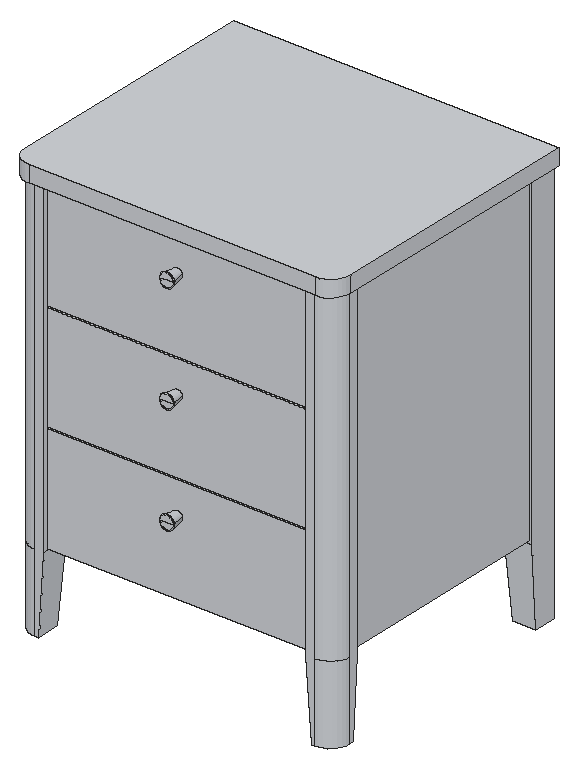
Revit family "3803 - Zaria 3 Drawer Bedside Cabinet", category Furniture, Revit 2020
Family settings
  OmniClass Number = 23.40.20.00
  OmniClass Title = General Furniture and Specialties
  Work Plane-Based = No
  Always vertical = Yes
  Cut with Voids When Loaded = No
  Shared = No
  Room Calculation Point = No
Parameters
  Top Material = none
  Handles Material = none
  Front Material = none
  Default Elevation = 0 mm
  Base Material = none
Reference planes
  plane 1 "Center (Front/Back)": y = 0
  plane 2: z = 0
  plane 3 "Center (Left/Right)": x = 0
  plane 4: x = -250
  plane 5: x = -240
  plane 6: x = -245
  plane 7: x = -222
  plane 8: x = -220
  plane 9: x = -202
  plane 10: x = -200
  plane 11: x = 250
  plane 12: x = 240
  plane 13: x = 245
  plane 14: x = 222
  plane 15: x = 204
  plane 16: x = 202
  plane 17: x = 200
  plane 18: y = -209.548
  plane 19: y = 220.452
  plane 20: y = -199.548
  plane 21: y = -181.548
  plane 22: y = -204.548
  plane 23: y = -161.548
  plane 24: y = 218.452
  plane 25: y = 175.452
  plane 26: y = 216.452
  plane 27: y = 198.452
  plane 28: z = 124
  plane 29: z = 120
  plane 30: z = 289
  plane 31: z = 291
  plane 32: z = 456
  plane 33: z = 458
  plane 34: z = 623
  plane 35: z = 625
  plane 36: z = 650
  plane 37: x = -210
  plane 38: y = -169.548
  plane 39: z = 239.004
  plane 40: z = 406.088
  plane 41: z = 573.2
Forms (mm)
  Extrusion 1, solid, material <- "Base Material"
    sketch origin (350, 0, 0) x (1, 0, 0) y (0, 1, 0)
      loop
        line (-590, -161.548) -> (-552, -161.548) -> (-552, 175.452) -> (-590, 175.452) -> (-590, -161.548)
    from 124 to 625
  Extrusion 2, solid, material <- "Base Material"
    sketch origin (0, 5, 0) x (1, 0, 0) y (0, 1, 0)
      loop
        line (-202, 193.452) -> (202, 193.452) -> (202, 211.452) -> (-202, 211.452) -> (-202, 193.452)
    from 124 to 625
  Extrusion 3, solid, material <- "Base Material"
    sketch origin (-350, 0, 0) x (-1, 0, 0) y (0, -1, 0)
      loop
        line (-590, 161.548) -> (-590, -175.452) -> (-552, -175.452) -> (-552, 161.548) -> (-590, 161.548)
    from 124 to 625
  Extrusion 4, solid, material <- "Front Material"
    sketch origin (0, -5, 0) x (0, 1, 0) y (0, 0, 1)
      loop
        line (-176.548, 124) -> (-176.548, 289) -> (-194.548, 289) -> (-194.548, 124) -> (-176.548, 124)
    from -200 to 200
  Extrusion 5, solid, material <- "Front Material"
    sketch origin (0, -5, 150.7) x (0, 1, 0) y (0, 0, 1)
      loop
        line (-176.548, 140.3) -> (-176.548, 305.3) -> (-194.548, 305.3) -> (-194.548, 140.3) -> (-176.548, 140.3)
    from -200 to 200
  Extrusion 6, solid, material <- "Front Material"
    sketch origin (0, -5, 301.4) x (0, 1, 0) y (0, 0, 1)
      loop
        line (-176.548, 156.6) -> (-176.548, 321.6) -> (-194.548, 321.6) -> (-194.548, 156.6) -> (-176.548, 156.6)
    from -200 to 200
  Extrusion 7, solid, material <- "Base Material"
    sketch origin (350, -5, 0) x (1, 0, 0) y (0, 1, 0)
      loop
        line (-595, -156.548) -> (-595, -169.548)
        arc (-595, -169.548) -> (-586.213, -190.761) -> (-565, -199.548) r 30
        line (-565, -199.548) -> (-552, -199.548) -> (-552, -156.548) -> (-595, -156.548)
    from 120 to 625
  SweptBlend 8, solid, material <- "Base Material"
    path origin (350, 0, 0) x (1, 0, 0) y (0, 0, 1)
      loop
        line (-560, 0) -> (-560, 120)
    profile origin (-210, 0, 0) x (-1, 0, 0) y (0, -1, 0)
      loop
        line (0, 169.548) -> (35, 169.548) -> (35, 174.548)
        arc (35, 174.548) -> (26.213, 195.761) -> (5, 204.548) r 30
        line (5, 204.548) -> (0, 204.548) -> (0, 169.548)
    end profile origin (-210, 0, 120) x (-1, 0, 0) y (0, -1, 0)
      loop
        line (-8, 161.548) -> (35, 161.548) -> (35, 174.548)
        arc (35, 174.548) -> (26.213, 195.761) -> (5, 204.548) r 30
        line (5, 204.548) -> (-8, 204.548) -> (-8, 161.548)
  Extrusion 9, solid, material <- "Top Material"
    sketch origin (0, 0, 0) x (1, 0, 0) y (0, 1, 0)
      loop
        line (-220, -209.548) -> (220, -209.548)
        arc (220, -209.548) -> (241.213, -200.761) -> (250, -179.548) r 30
        line (250, -179.548) -> (250, 220.452) -> (-250, 220.452) -> (-250, -179.548)
        arc (-250, -179.548) -> (-241.213, -200.761) -> (-220, -209.548) r 30
    from 625 to 650
  Extrusion 10, solid, material <- "Base Material"
    sketch origin (350, 18.904, 0) x (1, 0, 0) y (0, 1, 0)
      loop
        line (-595, 156.548) -> (-552, 156.548) -> (-552, 199.548) -> (-595, 199.548) -> (-595, 156.548)
    from 120 to 625
  SweptBlend 11, solid, material <- "Base Material"
    path origin (350, 18.904, 0) x (1, 0, 0) y (0, 0, -1)
      loop
        line (-560, 0) -> (-560, -120)
    profile origin (-210, 18.904, 0) x (1, 0, 0) y (0, 1, 0)
      loop
        line (0, 164.548) -> (0, 199.548) -> (-35, 199.548) -> (-35, 164.548) -> (0, 164.548)
    end profile origin (-210, 18.904, 120) x (1, 0, 0) y (0, 1, 0)
      loop
        line (8, 156.548) -> (8, 199.548) -> (-35, 199.548) -> (-35, 156.548) -> (8, 156.548)
  Extrusion 12, solid, material <- "Base Material"
    sketch origin (-350, -5, 0) x (-1, 0, 0) y (0, -1, 0)
      loop
        line (-595, 156.548) -> (-552, 156.548) -> (-552, 199.548) -> (-565, 199.548)
        arc (-565, 199.548) -> (-586.213, 190.761) -> (-595, 169.548) r 30
        line (-595, 169.548) -> (-595, 156.548)
    from 120 to 625
  SweptBlend 13, solid, material <- "Base Material"
    path origin (-350, 0, 0) x (-1, 0, 0) y (0, 0, 1)
      loop
        line (-560, 0) -> (-560, 120)
    profile origin (210, 0, 0) x (-1, 0, 0) y (0, -1, 0)
      loop
        line (0, 169.548) -> (0, 204.548) -> (-5, 204.548)
        arc (-5, 204.548) -> (-26.213, 195.761) -> (-35, 174.548) r 30
        line (-35, 174.548) -> (-35, 169.548) -> (0, 169.548)
    end profile origin (210, 0, 120) x (-1, 0, 0) y (0, -1, 0)
      loop
        line (8, 161.548) -> (8, 204.548) -> (-5, 204.548)
        arc (-5, 204.548) -> (-26.213, 195.761) -> (-35, 174.548) r 30
        line (-35, 174.548) -> (-35, 161.548) -> (8, 161.548)
  Extrusion 14, solid, material <- "Base Material"
    sketch origin (-350, 18.904, 0) x (-1, 0, 0) y (0, -1, 0)
      loop
        line (-595, -156.548) -> (-595, -199.548) -> (-552, -199.548) -> (-552, -156.548) -> (-595, -156.548)
    from 120 to 625
  SweptBlend 15, solid, material <- "Base Material"
    path origin (-350, 18.904, 0) x (-1, 0, 0) y (0, 0, 1)
      loop
        line (-560, 0) -> (-560, 120)
    profile origin (210, 18.904, 0) x (1, 0, 0) y (0, 1, 0)
      loop
        line (0, 164.548) -> (35, 164.548) -> (35, 199.548) -> (0, 199.548) -> (0, 164.548)
    end profile origin (210, 18.904, 120) x (1, 0, 0) y (0, 1, 0)
      loop
        line (-8, 156.548) -> (35, 156.548) -> (35, 199.548) -> (-8, 199.548) -> (-8, 156.548)
  Revolve 16, solid, material <- "Handles Material"
    sketch origin (-9.311, -1529, 573.2) x (0, -1, 0) y (1, 0, 0)
      loop
        line (-1308.548, 9.311) -> (-1308.548, 19.795)
        arc (-1308.548, 19.795) -> (-1308.729, 20.181) -> (-1309.141, 20.287) r 0.5
        line (-1309.141, 20.287) -> (-1329.452, 16.418) -> (-1329.452, 9.311) -> (-1308.548, 9.311)
      axis (-1329.452, 9.311) -> (-1308.548, 9.311)
    angle from 0 to 360
  Revolve 17, solid, material <- "Handles Material"
    sketch origin (-9.311, -1529, 406.088) x (0, -1, 0) y (1, 0, 0)
      loop
        line (-1308.548, 9.311) -> (-1308.548, 19.795)
        arc (-1308.548, 19.795) -> (-1308.729, 20.181) -> (-1309.141, 20.287) r 0.5
        line (-1309.141, 20.287) -> (-1329.452, 16.418) -> (-1329.452, 9.311) -> (-1308.548, 9.311)
      axis (-1329.452, 9.311) -> (-1308.548, 9.311)
    angle from 0 to 360
  Revolve 18, solid, material <- "Handles Material"
    sketch origin (-9.311, -1529, 239.004) x (0, -1, 0) y (1, 0, 0)
      loop
        line (-1308.548, 9.311) -> (-1308.548, 19.795)
        arc (-1308.548, 19.795) -> (-1308.729, 20.181) -> (-1309.141, 20.287) r 0.5
        line (-1309.141, 20.287) -> (-1329.452, 16.418) -> (-1329.452, 9.311) -> (-1308.548, 9.311)
      axis (-1329.452, 9.311) -> (-1308.548, 9.311)
    angle from 0 to 360
Cuts and joins
  joined: Extrusion 7, SweptBlend 8
  joined: Extrusion 10, SweptBlend 11
  joined: Extrusion 14, SweptBlend 15
  joined: Extrusion 12, SweptBlend 13
Dimensions and locks
  aligned and locked: level to plane 2
